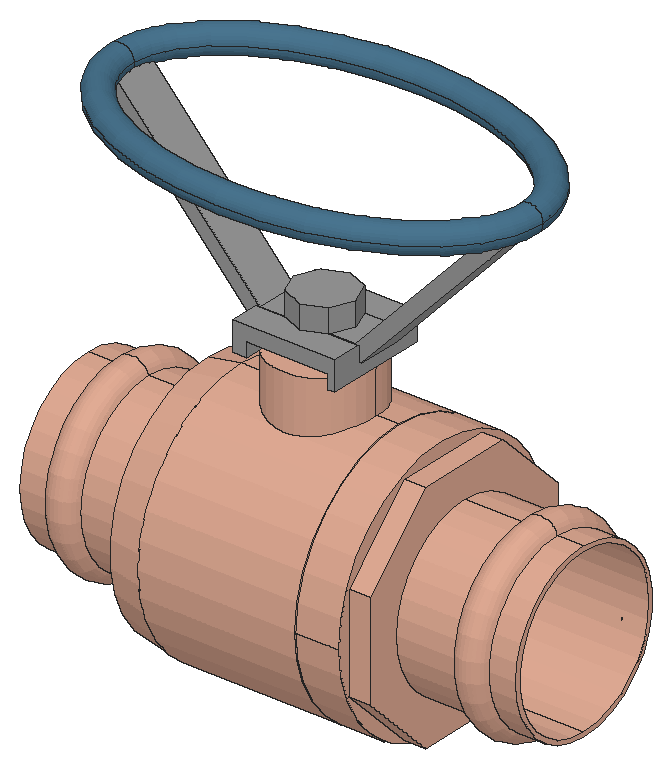
Revit family "430OHK-Ball-Valve", category Pipe Accessories, Revit 2018
Family settings
  Round Connector Dimension = Use Diameter
  Part Type = Valve - Breaks Into
  OmniClass Number = 23.60.30.11.14
  OmniClass Title = Pipework Fittings
  Work Plane-Based = No
  Always vertical = Yes
  Cut with Voids When Loaded = No
  Shared = No
Parameters
  X8 [instance] = size_lookup(LookupTable, "X8", 0.000", Nominal Diameter)  # 0.570"
  Weight [instance] = size_lookup(LookupTable, "Weight", "NA", Nominal Diameter)  # "4.61 lbs."
  URL = "http://www.fnw.com"
  Standards Lookup Table = "Standards"  # constant formula
  R4 [instance] = size_lookup(LookupTable, "R4", 0.000", Nominal Diameter)  # 1.5255"
  Product ID Handle [instance] = size_lookup(LookupTable, "ProductIDHandle", "NA", Nominal Diameter)  # "1773021"
  Product ID [instance] = size_lookup(LookupTable, "ProductID", "NA", Nominal Diameter)  # "2379995"
  Pipe Diameter [instance] = size_lookup(Standards Lookup Table, "copper", 0.000", Nominal Diameter)  # 2.125"
  Part Number Handle [instance] = size_lookup(LookupTable, "PartNumberHandle", "NA", Nominal Diameter)  # "FNW420OHKK"
  Part Number [instance] = size_lookup(LookupTable, "PartNumber", "NA", Nominal Diameter)  # "FNW430K"
  PIpe Radius [instance] = Pipe Diameter / 2  # 1.0625"
  Manufacturer = "FNW"  # constant formula
  Insert [instance] = size_lookup(LookupTable, "insert", 0.000", Nominal Diameter)  # 1.570"
  Description BOM Handle [instance] = size_lookup(LookupTable, "Description_BOMHandle", "NA", Nominal Diameter)  # "2 OVAL Handle Kit For 420&421"
  Description BOM [instance] = size_lookup(LookupTable, "Description_BOM", "NA", Nominal Diameter)  # "Not For Potable Use 2 Brass PXP Full Port BV Water"
  D5 Half [instance] = D5 / 2  # 1.280"
  D5 [instance] = size_lookup(LookupTable, "D5", 0.000", Nominal Diameter)  # 2.560"
  D3_Half [instance] = D3 / 2  # 0.375"
  Z3 [instance] = size_lookup(LookupTable, "Z3", 0.000", Nominal Diameter)  # 0.3125"
  Z2 [instance] = size_lookup(LookupTable, "Z2", 0.000", Nominal Diameter)  # 2.445"
  Z1 [instance] = size_lookup(LookupTable, "Z1", 0.000", Nominal Diameter)  # 2.2575"
  X7 [instance] = size_lookup(LookupTable, "X7", 0.000", Nominal Diameter)  # 3.090"
  X6 [instance] = size_lookup(LookupTable, "X6", 0.000", Nominal Diameter)  # 0.435"
  X5 [instance] = size_lookup(LookupTable, "X5", 0.000", Nominal Diameter)  # 0.28369"
  X4 [instance] = size_lookup(LookupTable, "X4", 0.000", Nominal Diameter)  # 0.56738"
  X3 [instance] = size_lookup(LookupTable, "X3", 0.000", Nominal Diameter)  # 2.05694"
  X2 [instance] = size_lookup(LookupTable, "X2", 0.000", Nominal Diameter)  # 0.432"
  X1 [instance] = size_lookup(LookupTable, "X1", 0.000", Nominal Diameter)  # 1.570"
  Show Lever Clearance [instance] = no
  R3 [instance] = size_lookup(LookupTable, "R3", 0.000", Nominal Diameter)  # 1.695"
  R2 [instance] = size_lookup(LookupTable, "R2", 0.000", Nominal Diameter)  # 1.61025"
  R1_Diam [instance] = R1 * 2  # 2.234"
  R1 [instance] = size_lookup(LookupTable, "R1", 0.000", Nominal Diameter)  # 1.117"
  Nominal Radius [instance] = Nominal Diameter / 2  # 1.000"
  Nominal Diameter [instance] = 2.000"
  LookupTable = "430OHK-Ball-Valve"  # constant formula
  HexAngle1 [instance] = 135.00°  # constant formula
  D3 [instance] = size_lookup(LookupTable, "D3", 0.000", Nominal Diameter)  # 0.750"
  D2 [instance] = size_lookup(LookupTable, "D2", 0.000", Nominal Diameter)  # 0.500"
  D1 [instance] = size_lookup(LookupTable, "D1", 0.000", Nominal Diameter)  # 1.342"
  3_Z3 [instance] = size_lookup(LookupTable, "3_Z3", 0.000", Nominal Diameter)  # 2.0875"
  3_Z2 [instance] = size_lookup(LookupTable, "3_Z2", 0.000", Nominal Diameter)  # 0.1875"
  3_Z1 [instance] = size_lookup(LookupTable, "3_Z1", 0.000", Nominal Diameter)  # 2.4275"
  3_Y1 [instance] = size_lookup(LookupTable, "3_Y1", 0.000", Nominal Diameter)  # 3.230"
  3_X3 [instance] = size_lookup(LookupTable, "3_X3", 0.000", Nominal Diameter)  # 1.342"
  3_X1 [instance] = size_lookup(LookupTable, "3_X1", 0.000", Nominal Diameter)  # 5.350"
  3_L1 [instance] = size_lookup(LookupTable, "3_L1", 0.000", Nominal Diameter)  # 0.1875"
  3_D1 [instance] = size_lookup(LookupTable, "3_D1", 0.000", Nominal Diameter)  # 0.355"
Reference planes (in)
  plane 1 "Center (Front/Back)": y = 0
  plane 2: z = 0
  plane 3 "Center (Left/Right)": x = 0
  plane 4 "X7 End": x = -3.09
  plane 5 "D1 Top": z = 2.2575
  plane 6 "D2 Top": z = 2.445
  plane 7: x = -1.52
  plane 8: x = -1.088
  plane 9: x = 0.96894
  plane 10 "Face EXT": x = 1.53631
  plane 11: x = 1.82
  plane 12 "R3 Top": z = 1.695
  plane 13 "R2 Top": z = 1.61025
  plane 14 "R1 Top": z = 1.117
  plane 15 "Pipe radius": z = 1.0625
  plane 16 "NPT": x = -1.52
  plane 17 "NPT 2": x = 1.53631
  plane 18: x = 3.39
  plane 19 "X61": x = -2.7375
  plane 20: x = -2.3025
  plane 21 "X62": x = 2.6025
  plane 22: x = 3.0375
  plane 23: z = 2.445
  plane 24: x = 2.82
  plane 25: x = -2.52
  plane 26: z = 2.7575
  plane 27: z = 1.28
  plane 28: x = -1.52
  plane 29: x = 1.82
Forms (in)
  Extrusion 1, solid, material "Copper_01"
    sketch origin (0, 0, 0) x (1, 0, 0) y (0, 1, 0)
      loop
        circle (0, 0) r 0.25
    from 2.2575 to 2.445
  Extrusion 2, solid, material "Copper_01"
    sketch origin (0, 0, 0) x (0, 1, 0) y (0, 0, 1)
      loop
        circle (0, 0) r 1.695
      loop
        circle (0, 0) r 1.0625
    from 0.96894 to 1.53631
  Extrusion 3, solid, material "Copper_01"
    sketch origin (0, 0, 1.0625) x (-1, 0, 0) y (0, -1, 0)
      loop
        circle (0, 0) r 0.671
    from 0 to 1.195
  Extrusion 4, solid, material "Copper_01", not visible
    sketch origin (-1.52, 0, 0) x (0, 0, 1) y (0, -1, 0)
      loop
        circle (0, 0) r 1
    from 0 to 3.34
  Extrusion 5, solid, material "Copper_01"
    sketch origin (-1.52, 0, 0) x (0, 0, 1) y (0, -1, 0)
      loop
        circle (0, 0) r 1.117
      loop
        circle (0, 0) r 1.0625
    from -1.57 to 0
  Extrusion 6, solid, material "Copper_01"
    sketch origin (1.53631, 0, 0) x (0, 0, 1) y (0, -1, 0)
      loop
        line (-0.63188, -1.5255) -> (0.63188, -1.5255) -> (1.5255, -0.63188) -> (1.5255, 0.63188) -> (0.63188, 1.5255) -> (-0.63188, 1.5255) -> (-1.5255, 0.63188) -> (-1.5255, -0.63188) -> (-0.63188, -1.5255)
      loop
        circle (0, 0) r 1.0625
    from 0 to 0.28369
  Revolve 7, solid, material "Copper_01"
    sketch origin (0, 0, 0) x (1, 0, 0) y (0, 0, 1)
      loop
        line (0.96894, 1.0625) -> (0.96894, 1.695) -> (-1.0843, 1.695) -> (-1.52, 1.61025) -> (-1.52, 1.0625) -> (0.96894, 1.0625)
      axis (-1.52, 0) -> (0.96894, 0)
    angle from 0 to 360
  Revolve 8, solid, material "Copper_01"
    sketch origin (0, 0, 0) x (1, 0, 0) y (0, 0, 1)
      loop
        line (-2.7375, 1.117) -> (-2.3025, 1.117)
        arc (-2.3025, 1.117) -> (-2.52, 1.27272) -> (-2.7375, 1.117) r 0.22976
      axis (-2.7375, 0) -> (-2.3025, 0)
    angle from 0 to 360
  Revolve 9, solid, material "Copper_01"
    sketch origin (0, 0, 0) x (1, 0, 0) y (0, 0, 1)
      loop
        line (2.6025, 1.117) -> (3.0375, 1.117)
        arc (3.0375, 1.117) -> (2.82, 1.27272) -> (2.6025, 1.117) r 0.22976
      axis (2.6025, 0) -> (3.0375, 0)
    angle from 0 to 360
  Extrusion 10, solid, material "Copper_01"
    sketch origin (-1.52, 0, 0) x (0, 0, 1) y (0, -1, 0)
      loop
        circle (0, 0) r 1.117
      loop
        circle (0, 0) r 1.0625
    from 3.34 to 4.91
Dimensions and locks (in)
  "X7": plane 4 "X7 End" to plane 3 "Center (Left/Right)"
  "Z1": plane 5 "D1 Top" to plane 2
  "Z2": plane 6 "D2 Top" to plane 2
  "X1": plane 4 "X7 End" to plane 7
  "X2": plane 8 to plane 7
  "X3": plane 9 to plane 8
  "X4": plane 10 "Face EXT" to plane 9
  "X5": plane 11 to plane 10 "Face EXT"
  "R3": plane 12 "R3 Top" to plane 2
  "R2": plane 13 "R2 Top" to plane 2
  "R1": plane 14 "R1 Top" to plane 2
  "PIpe Radius": plane 15 "Pipe radius" to plane 2
  "X1": plane 4 "X7 End" to plane 16 "NPT"
  "X5": plane 11 to plane 17 "NPT 2"
  "X1": plane 18 to plane 11
  "R4": Extrusion 6 sketch curve to plane 1 "Center (Front/Back)"
  "R4": plane 1 "Center (Front/Back)" to Extrusion 6 sketch curve  (x5)
  "R4": plane 2 to Extrusion 6 sketch curve  (x2)
  plane 23 to plane 6 "D2 Top" = 0.000"
  equal spacing: plane 20, plane 25, plane 19 "X61"
  equal spacing: plane 22, plane 24, plane 21 "X62"
  "X6": plane 22 to plane 21 "X62"
  "X6": plane 20 to plane 19 "X61"
  "X8": plane 4 "X7 End" to plane 25
  "Z3": plane 26 to plane 23
  "D5 Half": plane 27 to plane 2
  "X8": plane 24 to plane 18
  "Insert": plane 29 to plane 18
  "Insert": plane 28 to plane 4 "X7 End"
  "D2": diameter of Extrusion 1 sketch curve
  "R3": radius of Extrusion 2 sketch curve
  "PIpe Radius": radius of Extrusion 2 sketch curve
  "D1": diameter of Extrusion 3 sketch curve
  "Nominal Radius": radius of Extrusion 4 sketch curve
  "R1": radius of Extrusion 5 sketch curve
  "PIpe Radius": radius of Extrusion 5 sketch curve
  "PIpe Radius": radius of Extrusion 6 sketch curve
  "R1": radius of Extrusion 10 sketch curve
  "PIpe Radius": radius of Extrusion 10 sketch curve
  angle Extrusion 6 sketch curve to Extrusion 6 sketch curve = 135.00°  (x7)
  aligned and locked: plane 2 to level
  aligned and locked: Extrusion 1 to plane 5 "D1 Top"
  aligned and locked: plane 6 "D2 Top" to Extrusion 1
  aligned and locked: Extrusion 2 to plane 9
  aligned and locked: plane 10 "Face EXT" to Extrusion 2
  aligned and locked: plane 5 "D1 Top" to Extrusion 3
  aligned and locked: plane 4 "X7 End" to Extrusion 5
  aligned and locked: Revolve 7 sketch curve to level
  aligned and locked: Revolve 8 sketch curve to plane 2
  aligned and locked: Revolve 8 sketch curve to plane 14 "R1 Top"
  aligned and locked: plane 20 to Revolve 8 sketch curve
  aligned and locked: plane 19 "X61" to Revolve 8 sketch curve
  aligned and locked: Revolve 9 sketch curve to plane 2
  aligned and locked: plane 21 "X62" to Revolve 9 sketch curve
  aligned and locked: plane 22 to Revolve 9 sketch curve
  aligned and locked: Revolve 9 sketch curve to plane 14 "R1 Top"
  aligned and locked: plane 7 to Extrusion 5
  aligned and locked: Extrusion 10 to plane 11
  aligned and locked: Extrusion 10 to plane 18
  aligned and locked: plane 11 to Extrusion 6
  aligned and locked: Extrusion 4 to plane 28
  aligned and locked: plane 29 to Extrusion 4
Automatic sketch dimensions
  Revolve 7 sketch curve to plane 7 = 0.000"
  Revolve 7 sketch curve to plane 12 "R3 Top" = 0.000"
  Revolve 7 sketch curve to plane 9 = 0.000"
  Revolve 7 sketch curve to plane 15 "Pipe radius" = 0.000"
  Revolve 7 sketch curve to plane 13 "R2 Top" = 0.000"
  plane 8 to Revolve 7 sketch curve = 0.0037"
  plane 4 "X7 End" to Revolve 7 sketch curve = 0.1481"
  plane 7 to Revolve 7 sketch curve = 0.02483"
  Revolve 8 sketch curve to plane 15 "Pipe radius" = 0.01954"
  plane 4 "X7 End" to Revolve 8 sketch curve = 1.24841"
  plane 20 to Revolve 8 sketch curve = 0.10444"
  Revolve 9 sketch curve to plane 15 "Pipe radius" = 0.01954"
  Revolve 9 sketch curve to plane 11 = 0.01599"
  Revolve 9 sketch curve to plane 18 = 1.73101"
  plane 1 "Center (Front/Back)" to Extrusion 1 sketch curve = 0.000"
  Extrusion 1 sketch curve to plane 3 "Center (Left/Right)" = 0.000"
  Extrusion 2 sketch curve to Extrusion 2 sketch curve = 0.000"  (x2)
  Extrusion 2 sketch curve to level = 0.000"
  Extrusion 2 sketch curve to plane 1 "Center (Front/Back)" = 0.000"
  plane 1 "Center (Front/Back)" to Extrusion 3 sketch curve = 0.000"
  Extrusion 3 sketch curve to plane 3 "Center (Left/Right)" = 0.000"
  Extrusion 4 sketch curve to level = 0.000"
  Extrusion 4 sketch curve to plane 1 "Center (Front/Back)" = 0.000"
  Extrusion 5 sketch curve to Extrusion 5 sketch curve = 0.000"  (x2)
  Extrusion 5 sketch curve to level = 0.000"
  Extrusion 5 sketch curve to plane 1 "Center (Front/Back)" = 0.000"
  Extrusion 6 sketch curve to level = 0.000"
  Extrusion 6 sketch curve to plane 1 "Center (Front/Back)" = 0.000"
  Extrusion 10 sketch curve to Extrusion 10 sketch curve = 0.000"  (x2)
  Extrusion 10 sketch curve to level = 0.000"
  Extrusion 10 sketch curve to plane 1 "Center (Front/Back)" = 0.000"
Nested families (in)
  nested 1: "Oval Handle 430" at (0, 0, 2.445), Show Lever Clearance <- "Show Lever Clearance", D3 <- "D3", Z3 <- "Z3", 3_D1 <- "3_D1", 3_L1 <- "3_L1", 3_X1 <- "3_X1", 3_X3 <- "3_X3", 3_Y1 <- "3_Y1", 3_Z1 <- "3_Z1", 3_Z2 <- "3_Z2", 3_Z3 <- "3_Z3", Description BOM <- "Description BOM", Part Number <- "Part Number", Product ID <- "Product ID", type "Oval Handle 430"
    with b 2.675", a 2.070", Z3 0.3125", Show Lever Clearance no, Product ID "2379995", Part Number "FNW430K", Description BOM "Not For Potable Use 2 Brass PXP Full Port BV Water", D3 0.750", Center of Oval Handle 2.2575", Angle Hex Head 135.00°, 3_Z3 2.0875", 3_Z2 0.1875", 3_Z1 2.4275", 3_Y1 3.230", 3_X3 1.342", 3_X1 5.350", 3_L1_Half 0.09375", 3_L1 0.1875", 3_D1_Radius 0.1775", 3_D1 0.355"
Connectors (in)
  piping at (-1.52, 0, 0), diameter 2, driven by "Nominal Diameter"
    settings: on Extrusion 4, index 1, connector inside diameter 24", connector length 0.000", flow factor 0, pipe flow 0 GPM, pressure drop 0.00 psi, fitting loss kfactor 0, connector angle 0.00°, fixture units 0, engagement length 0.000", angle of deflection 0.00°, flow configuration 0, flow direction 0, fitting loss method 0, system type 7, joint type 0, gender type 0, connector reference index 2, connector utility 0, adjustable connector no, is connector primary yes, connector description ""
  piping at (1.82, 0, 0), diameter 2, driven by "Nominal Diameter"
    settings: on Extrusion 4, index 2, connector inside diameter 24", connector length 0.000", flow factor 0, pipe flow 0 GPM, pressure drop 0.00 psi, fitting loss kfactor 0, connector angle 0.00°, fixture units 0, engagement length 0.000", angle of deflection 0.00°, flow configuration 0, flow direction 0, fitting loss method 0, system type 7, joint type 0, gender type 0, connector reference index 1, connector utility 0, adjustable connector no, is connector primary no, connector description ""
Definition of nested family "Oval Handle 430"
  Parameters (values of type "Oval Handle 430")
    b [instance] = [3_X1] / 2  # 2.105"
    a [instance] = Center of Oval Handle - [3_L1]  # 1.34375"
    Z3 [instance] = 0.125"
    Product ID [instance] = ""
    Part Number [instance] = ""
    Description BOM [instance] = ""
    Center of Oval Handle [instance] = ([3_Z1] - [3_Z3]) / 2 + ([3_Z3])  # 1.46875"
    Angle 2 = 45.00°  # constant formula
    Show Lever Clearance [instance] = yes
    Default Elevation = 48.000"
    D3 [instance] = 0.69752"
    Angle Hex Head [instance] = 135.00°  # constant formula
    3_Z3 [instance] = 1.3125"
    3_Z2 [instance] = 0.125"
    3_Z1 [instance] = 1.625"
    3_Y1 [instance] = 2.800"
    3_X3 [instance] = 0.5625"
    3_X1 [instance] = 4.210"
    3_L1_Half [instance] = [3_L1] / 2  # 0.0625"
    3_L1 [instance] = 0.125"
    3_D1_Radius [instance] = [3_D1] / 2  # 0.1565"
    3_D1 [instance] = 0.313"
  Reference planes (in)
    plane 1 "Center (Front/Back)": y = 0
    plane 2: z = 0
    plane 3 "Center (Left/Right)": x = 0
    plane 4: y = 1
    plane 5: y = -1
    plane 6: y = 1.03125
    plane 7: y = -1.03125
    plane 8: x = -0.28125
    plane 9: x = 0.28125
    plane 10 "Z3_Base": z = 0.125
    plane 11: z = -0.125
    plane 12: z = 1.625
    plane 13: z = 1.3125
    plane 14: x = -2.105
    plane 15: x = 2.105
    plane 16: x = -1.28
    plane 17: x = 1.28
    plane 18: x = -0.15625
    plane 19: x = 0.21875
    plane 20: y = 1.4
    plane 21 "Center of Oval Side View": y = -1.4
    plane 22 "Centerline Oval Handle": z = 1.46875
    plane 23: y = 0.28125
    plane 24: y = -0.28125
    plane 25: z = 0.25
  Forms (in)
    Extrusion 1, solid
      sketch origin (0, 0, 0) x (1, 0, 0) y (0, 1, 0)
        loop
          line (-48, 48) -> (-48, -48) -> (48, -48) -> (48, 48) -> (-48, 48)
      from 0 to -12
    Sweep 2, solid
      path origin (0, 0, 1.46875) x (0, -1, 0) y (1, 0, 0)
        loop
          spline (0, -2.105) -> (0.36235, -2.03327) -> (0.7, -1.82298) -> (0.98995, -1.48846) -> (1.21244, -1.0525) -> (1.3523, -0.54481) -> (1.4, 0) -> (1.3523, 0.54481) -> (1.21244, 1.0525) -> (0.98995, 1.48846) -> (0.7, 1.82298) -> (0.36235, 2.03327) -> (0, 2.105)
          spline (0, 2.105) -> (-0.36235, 2.03327) -> (-0.7, 1.82298) -> (-0.98995, 1.48846) -> (-1.21244, 1.0525) -> (-1.3523, 0.54481) -> (-1.4, 0) -> (-1.3523, -0.54481) -> (-1.21244, -1.0525) -> (-0.98995, -1.48846) -> (-0.7, -1.82298) -> (-0.36235, -2.03327) -> (0, -2.105)
      profile origin (0, 1.4, 1.46875) x (0, 1, 0) y (0, 0, 1)
        loop
          circle (0, 0) r 0.1565
    Extrusion 3, solid
      sketch origin (0, 0, 0) x (1, 0, 0) y (0, 0, 1)
        loop
          line (-0.28125, -0.125) -> (-0.15625, -0.125) -> (-0.15625, 0) -> (0.21875, 0) -> (0.21875, -0.125) -> (0.28125, -0.125) -> (0.28125, 0.125) -> (-0.28125, 0.125) -> (-0.28125, -0.125)
      from -0.28125 to 0.28125
    Sweep 4, solid
      path origin (0, 0, 0) x (1, 0, 0) y (0, 0, 1)
        loop
          line (-2.105, 1.46875) -> (-0.28125, 0.0625) -> (0.28125, 0.0625) -> (2.105, 1.46875)
      profile origin (-1.19312, 0, 0.76563) x (0.610628, 0, 0.791917) y (0, -1, 0)
        loop
          line (0.0625, -0.28125) -> (0.0625, 0.28124) -> (-0.0625, 0.28124) -> (-0.0625, -0.28125) -> (0.0625, -0.28125)
    Extrusion 5, solid
      sketch origin (0, 0, 1.46875) x (0, -1, 0) y (1, 0, 0)
        loop
          line (0.37749, 0) -> (0.26693, 0.26693) -> (0, 0.37749) -> (-0.26693, 0.26693) -> (-0.37749, 0) -> (-0.26693, -0.26693) -> (0, -0.37749) -> (0.26693, -0.26693) -> (0.37749, 0)
      from -1.34375 to -1.21875
  Lines and regions (in)
    reference lines
      curve 1: line (0, 0, 3.375) -> (0, 0, -1.625)
  Text (in)
    text "3_X1 -Center of Sweep" at (6.95247, 0, 9.12543), in view "Front"
    text "3_Y1 - Other view Left Oval Center" at (8.35736, 0, 8.09025), in view "Front"
  Dimensions and locks (in)
    equal spacing: plane 4, plane 1 "Center (Front/Back)", plane 5
    plane 4 to plane 5 = 2.000"
    plane 5 to plane 7 = 0.03125"
    plane 6 to plane 4 = 0.03125"
    equal spacing: plane 9, plane 3 "Center (Left/Right)", plane 8
    "3_X3": plane 9 to plane 8
    "3_L1": plane 10 "Z3_Base" to plane 2
    "3_Z2": plane 2 to plane 11
    "3_Z1": plane 12 to plane 2
    "3_Z3": plane 13 to plane 2
    equal spacing: plane 14, plane 3 "Center (Left/Right)", plane 15
    "3_X1": plane 14 to plane 15
    plane 14 to plane 16 = 0.825"
    plane 15 to plane 17 = 0.825"
    "3_L1": plane 18 to plane 8
    "3_L1_Half": plane 19 to plane 9
    equal spacing: plane 20, plane 1 "Center (Front/Back)", plane 21 "Center of Oval Side View"
    "3_Y1": plane 20 to plane 21 "Center of Oval Side View"
    "Center of Oval Handle": plane 22 "Centerline Oval Handle" to plane 2
    equal spacing: plane 23, plane 1 "Center (Front/Back)", plane 24
    "3_X3": plane 23 to plane 24
    equal spacing: Sweep 4 sketch curve, profile plane, Sweep 4 sketch curve
    "3_L1": Sweep 4 sketch curve to Sweep 4 sketch curve
    "3_L1_Half": Sweep 4 sketch curve to plane 2
    equal spacing: Extrusion 5 sketch curve, curve 1, Extrusion 5 sketch curve  (x4)
    "D3": Extrusion 5 sketch curve to Extrusion 5 sketch curve  (x4)
    "Z3": plane 25 to plane 10 "Z3_Base"
    "3_D1_Radius": radius of Sweep 2 sketch curve
    "Angle Hex Head": angle Extrusion 5 sketch curve to Extrusion 5 sketch curve  (x7)
    aligned and locked: plane 2 to Extrusion 1
    aligned and locked: level to Extrusion 1
    aligned and locked: curve 1 to plane 3 "Center (Left/Right)"
    aligned and locked: plane 20 to Sweep 2 sketch curve
    aligned and locked: plane 21 "Center of Oval Side View" to Sweep 2 sketch curve
    aligned and locked: plane 15 to Sweep 2 sketch curve
    aligned and locked: plane 14 to Sweep 2 sketch curve
    aligned and locked: plane 23 to Extrusion 3
    aligned and locked: Extrusion 3 to plane 24
    aligned and locked: plane 14 to Sweep 4 sketch curve
    aligned and locked: plane 22 "Centerline Oval Handle" to Sweep 4 sketch curve  (x2)
    aligned and locked: plane 15 to Sweep 4 sketch curve
    aligned and locked: plane 10 "Z3_Base" to Extrusion 5
    aligned and locked: Extrusion 5 to plane 25
  Automatic sketch dimensions
    Extrusion 1 sketch curve to Extrusion 1 sketch curve = 96.000"  (x2)
    curve 1 to level = 1.625"
    level to curve 1 = 3.375"
    Extrusion 3 sketch curve to plane 8 = 0.000"
    Extrusion 3 sketch curve to plane 11 = 0.000"  (x2)
    Extrusion 3 sketch curve to plane 18 = 0.000"
    Extrusion 3 sketch curve to level = 0.000"
    Extrusion 3 sketch curve to plane 19 = 0.000"
    Extrusion 3 sketch curve to plane 9 = 0.000"
    Extrusion 3 sketch curve to plane 10 "Z3_Base" = 0.000"
    plane 22 "Centerline Oval Handle" to Sweep 2 sketch curve = 0.000"
    Sweep 2 sketch curve to profile plane = 0.000"
    Sweep 4 sketch curve to plane 8 = 0.000"
    Sweep 4 sketch curve to plane 9 = 0.000"
    Sweep 4 sketch curve to plane 1 "Center (Front/Back)" = 0.28125"
    plane 1 "Center (Front/Back)" to Sweep 4 sketch curve = 0.28124"
    plane 1 "Center (Front/Back)" to Extrusion 5 sketch curve = 0.000"
